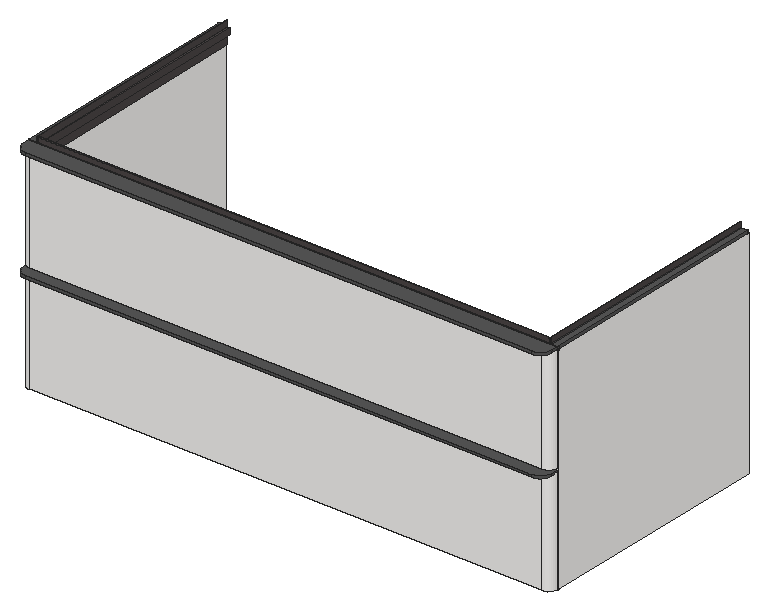
Revit family "vanity unit with 2 drawers for consoles with bowl", category Furniture, Revit 2019 (continued)
  Vanity unit 980_550 with 2 drawers for consoles with bowl-54078700-High Gloss White-MATT_WHITE-400 | "37.4" | no | no | no | no | no | no | no | no | no | no | no | no | no | no | no | no | no | no | yes | no | no | no | no | no | no | no | no | no | no | no | no | no | no | no | no | no | no | no | no | no | no | no | no | no | no | no | no | no | no | no | no | no | no | no | no | no | no | no | no | no | no | no | no | no | no | no | no | no | no | no | no | no | "MATT_WHITE" | "https://pro.hansgrohe.com/articledetail--54078000" | "54078XXX" | "High Gloss White" | "Vanity unit 980/550 with 2 drawers for consoles with bowl-54078700-High Gloss White-MATT_WHITE-400" | "Xelu Q Vanity unit High Gloss White 980/550 with 2 drawers for consoles with bowl" | "Vanity unit 980/550 with 2 drawers for consoles with bowl-54078700-High Gloss White-MATT_WHITE-400" | "{$CADENAS_DATA/23d-libs/hansgrohe/xelu_furniture/vanity_unit_2_drawers_for_consoles_with_bowl/vanity_unit_2_drawers_for_consoles_with_bowl.prj},388 {VTYP=3D},{NB=Vanity unit 980/550 with 2 drawers for consoles with bowl-54078700-High Gloss White-MATT_WHITE-400},{LINA=Vanity unit 980/550 with 2 drawers for consoles with bowl-54078700-High Gloss White-MATT_WHITE-400},{NN=Vanity unit with 2 drawers for consoles with bowl},{DATE=13.03.2023 03:03:55},{GEOMDATE=08.03.2023 13:53:52},{VERSION=},{LINEID=390},{WBVAR=LODLEVEL},{WBNUMERIC=}  {NB=Vanity unit 980/550 with 2 drawers for consoles with bowl-54078700-High Gloss White-MATT_WHITE-400},{LINA=Vanity unit 980/550 with 2 drawers for consoles with bowl-54078700-High Gloss White-MATT_WHITE-400},{KT=DUMMY},{IDNR=15},{ARTNR=54078700},{BASENUMBER=Vanity unit 980/550 with 2 drawers for consoles with bowl},{MODEL=54078XXX},{OBERFLAECHE=High Gloss White},{SURFACE=MATT_WHITE},{L=980},{LODLEVEL=400},{LODLEVELX='400','400','200','200'},{NAME=Xelu Q Vanity unit High Gloss White 980/550 with 2 drawers for consoles with bowl},{PERMALINK=54078XXX},{OBJECTTYPE=Object (single object)},{BIMOBJECT=Sanitary: Compound units},{PRODUCTFAMILY=Xelu Q},{PRODUCTGROUP=vanity unit},{WEIGHT=37.4},{DESCRIPTION=Xelu Q Vanity unit High Gloss White 980/550 with 2 drawers for consoles with bowl},{SPECIFICATION=},{PRODUCTURL=https://pro.hansgrohe.com/articledetail--54078000},{GTINCODE=4059625456811},{TENDERURL=},{IFC=Furnishing element},{ETIM=EC011381 | Bathroom furniture set},{UNICLASS2015=Pr_40_30_78_05 | Bathroom furniture},{OMNICLASS=23-21 19 15 33 13 | Residential Bathroom Specialty Casework},{MASTERFORMAT=12 35 30.23 | Bathroom Casework},{UNSPSC=56 | Furniture and Furnishings},{UNIFORMATII=E2010 | Fixed Furnishings},{DESIGN=Germany},{MANUFACTURER=Germany},{REGIONSET=Worldwide}" | "400" | "Vanity unit 980/550 with 2 drawers for consoles with bowl-54078700-High Gloss White-MATT_WHITE-400" | 980 | "4059625456811" | "Vanity unit 980/550 with 2 drawers for consoles with bowl" | "54078700"
  Vanity unit 980_550 with 2 drawers for consoles with bowl-54079000-Diamond Matt Grey-CHROME-200 | "37.4" | no | no | no | no | no | no | no | no | no | no | no | no | no | no | no | no | no | yes | no | no | no | no | no | no | no | no | no | no | no | no | no | no | no | no | no | no | no | no | no | no | no | no | no | no | no | no | no | no | no | no | no | no | no | no | no | no | no | no | no | no | no | no | no | no | no | no | no | no | no | no | no | no | "CHROME" | "https://pro.hansgrohe.com/articledetail--54079000" | "54079XXX" | "Diamond Matt Grey" | "Vanity unit 980/550 with 2 drawers for consoles with bowl-54079000-Diamond Matt Grey-CHROME-200" | "Xelu Q Vanity unit Diamond Matt Grey 980/550 with 2 drawers for consoles with bowl" | "Vanity unit 980/550 with 2 drawers for consoles with bowl-54079000-Diamond Matt Grey-CHROME-200" | "{$CADENAS_DATA/23d-libs/hansgrohe/xelu_furniture/vanity_unit_2_drawers_for_consoles_with_bowl/vanity_unit_2_drawers_for_consoles_with_bowl.prj},382 {VTYP=3D},{NB=Vanity unit 980/550 with 2 drawers for consoles with bowl-54079000-Diamond Matt Grey-CHROME-200},{LINA=Vanity unit 980/550 with 2 drawers for consoles with bowl-54079000-Diamond Matt Grey-CHROME-200},{NN=Vanity unit with 2 drawers for consoles with bowl},{DATE=13.03.2023 03:03:55},{GEOMDATE=08.03.2023 13:53:52},{VERSION=},{LINEID=400},{WBVAR=LODLEVEL},{WBNUMERIC=}  {NB=Vanity unit 980/550 with 2 drawers for consoles with bowl-54079000-Diamond Matt Grey-CHROME-200},{LINA=Vanity unit 980/550 with 2 drawers for consoles with bowl-54079000-Diamond Matt Grey-CHROME-200},{KT=DUMMY},{IDNR=16},{ARTNR=54079000},{BASENUMBER=Vanity unit 980/550 with 2 drawers for consoles with bowl},{MODEL=54079XXX},{OBERFLAECHE=Diamond Matt Grey},{SURFACE=CHROME},{L=980},{LODLEVEL=200},{LODLEVELX='400','400','200','200'},{NAME=Xelu Q Vanity unit Diamond Matt Grey 980/550 with 2 drawers for consoles with bowl},{PERMALINK=54079XXX},{OBJECTTYPE=Object (single object)},{BIMOBJECT=Sanitary: Compound units},{PRODUCTFAMILY=Xelu Q},{PRODUCTGROUP=vanity unit},{WEIGHT=37.4},{DESCRIPTION=Xelu Q Vanity unit Diamond Matt Grey 980/550 with 2 drawers for consoles with bowl},{SPECIFICATION=},{PRODUCTURL=https://pro.hansgrohe.com/articledetail--54079000},{GTINCODE=4059625456781},{TENDERURL=},{IFC=Furnishing element},{ETIM=EC011381 | Bathroom furniture set},{UNICLASS2015=Pr_40_30_78_05 | Bathroom furniture},{OMNICLASS=23-21 19 15 33 13 | Residential Bathroom Specialty Casework},{MASTERFORMAT=12 35 30.23 | Bathroom Casework},{UNSPSC=56 | Furniture and Furnishings},{UNIFORMATII=E2010 | Fixed Furnishings},{DESIGN=Germany},{MANUFACTURER=Germany},{REGIONSET=Worldwide}" | "200" | "Vanity unit 980/550 with 2 drawers for consoles with bowl-54079000-Diamond Matt Grey-CHROME-200" | 980 | "4059625456781" | "Vanity unit 980/550 with 2 drawers for consoles with bowl" | "54079000"
  Vanity unit 980_550 with 2 drawers for consoles with bowl-54079000-Diamond Matt Grey-CHROME-400 | "37.4" | no | no | no | no | no | no | no | no | no | no | no | no | no | no | no | no | yes | no | no | no | no | no | no | no | no | no | no | no | no | no | no | no | no | no | no | no | no | no | no | no | no | no | no | no | no | no | no | no | no | no | no | no | no | no | no | no | no | no | no | no | no | no | no | no | no | no | no | no | no | no | no | no | "CHROME" | "https://pro.hansgrohe.com/articledetail--54079000" | "54079XXX" | "Diamond Matt Grey" | "Vanity unit 980/550 with 2 drawers for consoles with bowl-54079000-Diamond Matt Grey-CHROME-400" | "Xelu Q Vanity unit Diamond Matt Grey 980/550 with 2 drawers for consoles with bowl" | "Vanity unit 980/550 with 2 drawers for consoles with bowl-54079000-Diamond Matt Grey-CHROME-400" | "{$CADENAS_DATA/23d-libs/hansgrohe/xelu_furniture/vanity_unit_2_drawers_for_consoles_with_bowl/vanity_unit_2_drawers_for_consoles_with_bowl.prj},382 {VTYP=3D},{NB=Vanity unit 980/550 with 2 drawers for consoles with bowl-54079000-Diamond Matt Grey-CHROME-400},{LINA=Vanity unit 980/550 with 2 drawers for consoles with bowl-54079000-Diamond Matt Grey-CHROME-400},{NN=Vanity unit with 2 drawers for consoles with bowl},{DATE=13.03.2023 03:03:55},{GEOMDATE=08.03.2023 13:53:52},{VERSION=},{LINEID=400},{WBVAR=LODLEVEL},{WBNUMERIC=}  {NB=Vanity unit 980/550 with 2 drawers for consoles with bowl-54079000-Diamond Matt Grey-CHROME-400},{LINA=Vanity unit 980/550 with 2 drawers for consoles with bowl-54079000-Diamond Matt Grey-CHROME-400},{KT=DUMMY},{IDNR=16},{ARTNR=54079000},{BASENUMBER=Vanity unit 980/550 with 2 drawers for consoles with bowl},{MODEL=54079XXX},{OBERFLAECHE=Diamond Matt Grey},{SURFACE=CHROME},{L=980},{LODLEVEL=400},{LODLEVELX='400','400','200','200'},{NAME=Xelu Q Vanity unit Diamond Matt Grey 980/550 with 2 drawers for consoles with bowl},{PERMALINK=54079XXX},{OBJECTTYPE=Object (single object)},{BIMOBJECT=Sanitary: Compound units},{PRODUCTFAMILY=Xelu Q},{PRODUCTGROUP=vanity unit},{WEIGHT=37.4},{DESCRIPTION=Xelu Q Vanity unit Diamond Matt Grey 980/550 with 2 drawers for consoles with bowl},{SPECIFICATION=},{PRODUCTURL=https://pro.hansgrohe.com/articledetail--54079000},{GTINCODE=4059625456781},{TENDERURL=},{IFC=Furnishing element},{ETIM=EC011381 | Bathroom furniture set},{UNICLASS2015=Pr_40_30_78_05 | Bathroom furniture},{OMNICLASS=23-21 19 15 33 13 | Residential Bathroom Specialty Casework},{MASTERFORMAT=12 35 30.23 | Bathroom Casework},{UNSPSC=56 | Furniture and Furnishings},{UNIFORMATII=E2010 | Fixed Furnishings},{DESIGN=Germany},{MANUFACTURER=Germany},{REGIONSET=Worldwide}" | "400" | "Vanity unit 980/550 with 2 drawers for consoles with bowl-54079000-Diamond Matt Grey-CHROME-400" | 980 | "4059625456781" | "Vanity unit 980/550 with 2 drawers for consoles with bowl" | "54079000"
  Vanity unit 980_550 with 2 drawers for consoles with bowl-54079670-Diamond Matt Grey-MATT_BLACK-200 | "37.4" | no | no | no | no | no | no | no | no | no | no | no | no | no | no | no | yes | no | no | no | no | no | no | no | no | no | no | no | no | no | no | no | no | no | no | no | no | no | no | no | no | no | no | no | no | no | no | no | no | no | no | no | no | no | no | no | no | no | no | no | no | no | no | no | no | no | no | no | no | no | no | no | no | "MATT_BLACK" | "https://pro.hansgrohe.com/articledetail--54079000" | "54079XXX" | "Diamond Matt Grey" | "Vanity unit 980/550 with 2 drawers for consoles with bowl-54079670-Diamond Matt Grey-MATT_BLACK-200" | "Xelu Q Vanity unit Diamond Matt Grey 980/550 with 2 drawers for consoles with bowl" | "Vanity unit 980/550 with 2 drawers for consoles with bowl-54079670-Diamond Matt Grey-MATT_BLACK-200" | "{$CADENAS_DATA/23d-libs/hansgrohe/xelu_furniture/vanity_unit_2_drawers_for_consoles_with_bowl/vanity_unit_2_drawers_for_consoles_with_bowl.prj},390 {VTYP=3D},{NB=Vanity unit 980/550 with 2 drawers for consoles with bowl-54079670-Diamond Matt Grey-MATT_BLACK-200},{LINA=Vanity unit 980/550 with 2 drawers for consoles with bowl-54079670-Diamond Matt Grey-MATT_BLACK-200},{NN=Vanity unit with 2 drawers for consoles with bowl},{DATE=13.03.2023 03:03:55},{GEOMDATE=08.03.2023 13:53:52},{VERSION=},{LINEID=420},{WBVAR=LODLEVEL},{WBNUMERIC=}  {NB=Vanity unit 980/550 with 2 drawers for consoles with bowl-54079670-Diamond Matt Grey-MATT_BLACK-200},{LINA=Vanity unit 980/550 with 2 drawers for consoles with bowl-54079670-Diamond Matt Grey-MATT_BLACK-200},{KT=DUMMY},{IDNR=18},{ARTNR=54079670},{BASENUMBER=Vanity unit 980/550 with 2 drawers for consoles with bowl},{MODEL=54079XXX},{OBERFLAECHE=Diamond Matt Grey},{SURFACE=MATT_BLACK},{L=980},{LODLEVEL=200},{LODLEVELX='400','400','200','200'},{NAME=Xelu Q Vanity unit Diamond Matt Grey 980/550 with 2 drawers for consoles with bowl},{PERMALINK=54079XXX},{OBJECTTYPE=Object (single object)},{BIMOBJECT=Sanitary: Compound units},{PRODUCTFAMILY=Xelu Q},{PRODUCTGROUP=vanity unit},{WEIGHT=37.4},{DESCRIPTION=Xelu Q Vanity unit Diamond Matt Grey 980/550 with 2 drawers for consoles with bowl},{SPECIFICATION=},{PRODUCTURL=https://pro.hansgrohe.com/articledetail--54079000},{GTINCODE=4059625456781},{TENDERURL=},{IFC=Furnishing element},{ETIM=EC011381 | Bathroom furniture set},{UNICLASS2015=Pr_40_30_78_05 | Bathroom furniture},{OMNICLASS=23-21 19 15 33 13 | Residential Bathroom Specialty Casework},{MASTERFORMAT=12 35 30.23 | Bathroom Casework},{UNSPSC=56 | Furniture and Furnishings},{UNIFORMATII=E2010 | Fixed Furnishings},{DESIGN=Germany},{MANUFACTURER=Germany},{REGIONSET=Worldwide}" | "200" | "Vanity unit 980/550 with 2 drawers for consoles with bowl-54079670-Diamond Matt Grey-MATT_BLACK-200" | 980 | "4059625456781" | "Vanity unit 980/550 with 2 drawers for consoles with bowl" | "54079670"
  Vanity unit 980_550 with 2 drawers for consoles with bowl-54079670-Diamond Matt Grey-MATT_BLACK-400 | "37.4" | no | no | no | no | no | no | no | no | no | no | no | no | no | no | yes | no | no | no | no | no | no | no | no | no | no | no | no | no | no | no | no | no | no | no | no | no | no | no | no | no | no | no | no | no | no | no | no | no | no | no | no | no | no | no | no | no | no | no | no | no | no | no | no | no | no | no | no | no | no | no | no | no | "MATT_BLACK" | "https://pro.hansgrohe.com/articledetail--54079000" | "54079XXX" | "Diamond Matt Grey" | "Vanity unit 980/550 with 2 drawers for consoles with bowl-54079670-Diamond Matt Grey-MATT_BLACK-400" | "Xelu Q Vanity unit Diamond Matt Grey 980/550 with 2 drawers for consoles with bowl" | "Vanity unit 980/550 with 2 drawers for consoles with bowl-54079670-Diamond Matt Grey-MATT_BLACK-400" | "{$CADENAS_DATA/23d-libs/hansgrohe/xelu_furniture/vanity_unit_2_drawers_for_consoles_with_bowl/vanity_unit_2_drawers_for_consoles_with_bowl.prj},390 {VTYP=3D},{NB=Vanity unit 980/550 with 2 drawers for consoles with bowl-54079670-Diamond Matt Grey-MATT_BLACK-400},{LINA=Vanity unit 980/550 with 2 drawers for consoles with bowl-54079670-Diamond Matt Grey-MATT_BLACK-400},{NN=Vanity unit with 2 drawers for consoles with bowl},{DATE=13.03.2023 03:03:55},{GEOMDATE=08.03.2023 13:53:52},{VERSION=},{LINEID=420},{WBVAR=LODLEVEL},{WBNUMERIC=}  {NB=Vanity unit 980/550 with 2 drawers for consoles with bowl-54079670-Diamond Matt Grey-MATT_BLACK-400},{LINA=Vanity unit 980/550 with 2 drawers for consoles with bowl-54079670-Diamond Matt Grey-MATT_BLACK-400},{KT=DUMMY},{IDNR=18},{ARTNR=54079670},{BASENUMBER=Vanity unit 980/550 with 2 drawers for consoles with bowl},{MODEL=54079XXX},{OBERFLAECHE=Diamond Matt Grey},{SURFACE=MATT_BLACK},{L=980},{LODLEVEL=400},{LODLEVELX='400','400','200','200'},{NAME=Xelu Q Vanity unit Diamond Matt Grey 980/550 with 2 drawers for consoles with bowl},{PERMALINK=54079XXX},{OBJECTTYPE=Object (single object)},{BIMOBJECT=Sanitary: Compound units},{PRODUCTFAMILY=Xelu Q},{PRODUCTGROUP=vanity unit},{WEIGHT=37.4},{DESCRIPTION=Xelu Q Vanity unit Diamond Matt Grey 980/550 with 2 drawers for consoles with bowl},{SPECIFICATION=},{PRODUCTURL=https://pro.hansgrohe.com/articledetail--54079000},{GTINCODE=4059625456781},{TENDERURL=},{IFC=Furnishing element},{ETIM=EC011381 | Bathroom furniture set},{UNICLASS2015=Pr_40_30_78_05 | Bathroom furniture},{OMNICLASS=23-21 19 15 33 13 | Residential Bathroom Specialty Casework},{MASTERFORMAT=12 35 30.23 | Bathroom Casework},{UNSPSC=56 | Furniture and Furnishings},{UNIFORMATII=E2010 | Fixed Furnishings},{DESIGN=Germany},{MANUFACTURER=Germany},{REGIONSET=Worldwide}" | "400" | "Vanity unit 980/550 with 2 drawers for consoles with bowl-54079670-Diamond Matt Grey-MATT_BLACK-400" | 980 | "4059625456781" | "Vanity unit 980/550 with 2 drawers for consoles with bowl" | "54079670"
  Vanity unit 980_550 with 2 drawers for consoles with bowl-54079700-Diamond Matt Grey-MATT_WHITE-200 | "37.4" | no | no | no | no | no | no | no | no | no | no | no | no | no | yes | no | no | no | no | no | no | no | no | no | no | no | no | no | no | no | no | no | no | no | no | no | no | no | no | no | no | no | no | no | no | no | no | no | no | no | no | no | no | no | no | no | no | no | no | no | no | no | no | no | no | no | no | no | no | no | no | no | no | "MATT_WHITE" | "https://pro.hansgrohe.com/articledetail--54079000" | "54079XXX" | "Diamond Matt Grey" | "Vanity unit 980/550 with 2 drawers for consoles with bowl-54079700-Diamond Matt Grey-MATT_WHITE-200" | "Xelu Q Vanity unit Diamond Matt Grey 980/550 with 2 drawers for consoles with bowl" | "Vanity unit 980/550 with 2 drawers for consoles with bowl-54079700-Diamond Matt Grey-MATT_WHITE-200" | "{$CADENAS_DATA/23d-libs/hansgrohe/xelu_furniture/vanity_unit_2_drawers_for_consoles_with_bowl/vanity_unit_2_drawers_for_consoles_with_bowl.prj},390 {VTYP=3D},{NB=Vanity unit 980/550 with 2 drawers for consoles with bowl-54079700-Diamond Matt Grey-MATT_WHITE-200},{LINA=Vanity unit 980/550 with 2 drawers for consoles with bowl-54079700-Diamond Matt Grey-MATT_WHITE-200},{NN=Vanity unit with 2 drawers for consoles with bowl},{DATE=13.03.2023 03:03:55},{GEOMDATE=08.03.2023 13:53:52},{VERSION=},{LINEID=410},{WBVAR=LODLEVEL},{WBNUMERIC=}  {NB=Vanity unit 980/550 with 2 drawers for consoles with bowl-54079700-Diamond Matt Grey-MATT_WHITE-200},{LINA=Vanity unit 980/550 with 2 drawers for consoles with bowl-54079700-Diamond Matt Grey-MATT_WHITE-200},{KT=DUMMY},{IDNR=17},{ARTNR=54079700},{BASENUMBER=Vanity unit 980/550 with 2 drawers for consoles with bowl},{MODEL=54079XXX},{OBERFLAECHE=Diamond Matt Grey},{SURFACE=MATT_WHITE},{L=980},{LODLEVEL=200},{LODLEVELX='400','400','200','200'},{NAME=Xelu Q Vanity unit Diamond Matt Grey 980/550 with 2 drawers for consoles with bowl},{PERMALINK=54079XXX},{OBJECTTYPE=Object (single object)},{BIMOBJECT=Sanitary: Compound units},{PRODUCTFAMILY=Xelu Q},{PRODUCTGROUP=vanity unit},{WEIGHT=37.4},{DESCRIPTION=Xelu Q Vanity unit Diamond Matt Grey 980/550 with 2 drawers for consoles with bowl},{SPECIFICATION=},{PRODUCTURL=https://pro.hansgrohe.com/articledetail--54079000},{GTINCODE=4059625456781},{TENDERURL=},{IFC=Furnishing element},{ETIM=EC011381 | Bathroom furniture set},{UNICLASS2015=Pr_40_30_78_05 | Bathroom furniture},{OMNICLASS=23-21 19 15 33 13 | Residential Bathroom Specialty Casework},{MASTERFORMAT=12 35 30.23 | Bathroom Casework},{UNSPSC=56 | Furniture and Furnishings},{UNIFORMATII=E2010 | Fixed Furnishings},{DESIGN=Germany},{MANUFACTURER=Germany},{REGIONSET=Worldwide}" | "200" | "Vanity unit 980/550 with 2 drawers for consoles with bowl-54079700-Diamond Matt Grey-MATT_WHITE-200" | 980 | "4059625456781" | "Vanity unit 980/550 with 2 drawers for consoles with bowl" | "54079700"
  Vanity unit 980_550 with 2 drawers for consoles with bowl-54079700-Diamond Matt Grey-MATT_WHITE-400 | "37.4" | no | no | no | no | no | no | no | no | no | no | no | no | yes | no | no | no | no | no | no | no | no | no | no | no | no | no | no | no | no | no | no | no | no | no | no | no | no | no | no | no | no | no | no | no | no | no | no | no | no | no | no | no | no | no | no | no | no | no | no | no | no | no | no | no | no | no | no | no | no | no | no | no | "MATT_WHITE" | "https://pro.hansgrohe.com/articledetail--54079000" | "54079XXX" | "Diamond Matt Grey" | "Vanity unit 980/550 with 2 drawers for consoles with bowl-54079700-Diamond Matt Grey-MATT_WHITE-400" | "Xelu Q Vanity unit Diamond Matt Grey 980/550 with 2 drawers for consoles with bowl" | "Vanity unit 980/550 with 2 drawers for consoles with bowl-54079700-Diamond Matt Grey-MATT_WHITE-400" | "{$CADENAS_DATA/23d-libs/hansgrohe/xelu_furniture/vanity_unit_2_drawers_for_consoles_with_bowl/vanity_unit_2_drawers_for_consoles_with_bowl.prj},390 {VTYP=3D},{NB=Vanity unit 980/550 with 2 drawers for consoles with bowl-54079700-Diamond Matt Grey-MATT_WHITE-400},{LINA=Vanity unit 980/550 with 2 drawers for consoles with bowl-54079700-Diamond Matt Grey-MATT_WHITE-400},{NN=Vanity unit with 2 drawers for consoles with bowl},{DATE=13.03.2023 03:03:55},{GEOMDATE=08.03.2023 13:53:52},{VERSION=},{LINEID=410},{WBVAR=LODLEVEL},{WBNUMERIC=}  {NB=Vanity unit 980/550 with 2 drawers for consoles with bowl-54079700-Diamond Matt Grey-MATT_WHITE-400},{LINA=Vanity unit 980/550 with 2 drawers for consoles with bowl-54079700-Diamond Matt Grey-MATT_WHITE-400},{KT=DUMMY},{IDNR=17},{ARTNR=54079700},{BASENUMBER=Vanity unit 980/550 with 2 drawers for consoles with bowl},{MODEL=54079XXX},{OBERFLAECHE=Diamond Matt Grey},{SURFACE=MATT_WHITE},{L=980},{LODLEVEL=400},{LODLEVELX='400','400','200','200'},{NAME=Xelu Q Vanity unit Diamond Matt Grey 980/550 with 2 drawers for consoles with bowl},{PERMALINK=54079XXX},{OBJECTTYPE=Object (single object)},{BIMOBJECT=Sanitary: Compound units},{PRODUCTFAMILY=Xelu Q},{PRODUCTGROUP=vanity unit},{WEIGHT=37.4},{DESCRIPTION=Xelu Q Vanity unit Diamond Matt Grey 980/550 with 2 drawers for consoles with bowl},{SPECIFICATION=},{PRODUCTURL=https://pro.hansgrohe.com/articledetail--54079000},{GTINCODE=4059625456781},{TENDERURL=},{IFC=Furnishing element},{ETIM=EC011381 | Bathroom furniture set},{UNICLASS2015=Pr_40_30_78_05 | Bathroom furniture},{OMNICLASS=23-21 19 15 33 13 | Residential Bathroom Specialty Casework},{MASTERFORMAT=12 35 30.23 | Bathroom Casework},{UNSPSC=56 | Furniture and Furnishings},{UNIFORMATII=E2010 | Fixed Furnishings},{DESIGN=Germany},{MANUFACTURER=Germany},{REGIONSET=Worldwide}" | "400" | "Vanity unit 980/550 with 2 drawers for consoles with bowl-54079700-Diamond Matt Grey-MATT_WHITE-400" | 980 | "4059625456781" | "Vanity unit 980/550 with 2 drawers for consoles with bowl" | "54079700"
  Vanity unit 980_550 with 2 drawers for consoles with bowl-54080000-Natural Oak-CHROME-200 | "37.4" | no | no | no | no | no | no | no | no | no | no | no | yes | no | no | no | no | no | no | no | no | no | no | no | no | no | no | no | no | no | no | no | no | no | no | no | no | no | no | no | no | no | no | no | no | no | no | no | no | no | no | no | no | no | no | no | no | no | no | no | no | no | no | no | no | no | no | no | no | no | no | no | no | "CHROME" | "https://pro.hansgrohe.com/articledetail--54080000" | "54080XXX" | "Natural Oak" | "Vanity unit 980/550 with 2 drawers for consoles with bowl-54080000-Natural Oak-CHROME-200" | "Xelu Q Vanity unit Natural Oak 980/550 with 2 drawers for consoles with bowl" | "Vanity unit 980/550 with 2 drawers for consoles with bowl-54080000-Natural Oak-CHROME-200" | "{$CADENAS_DATA/23d-libs/hansgrohe/xelu_furniture/vanity_unit_2_drawers_for_consoles_with_bowl/vanity_unit_2_drawers_for_consoles_with_bowl.prj},370 {VTYP=3D},{NB=Vanity unit 980/550 with 2 drawers for consoles with bowl-54080000-Natural Oak-CHROME-200},{LINA=Vanity unit 980/550 with 2 drawers for consoles with bowl-54080000-Natural Oak-CHROME-200},{NN=Vanity unit with 2 drawers for consoles with bowl},{DATE=13.03.2023 03:03:55},{GEOMDATE=08.03.2023 13:53:52},{VERSION=},{LINEID=450},{WBVAR=LODLEVEL},{WBNUMERIC=}  {NB=Vanity unit 980/550 with 2 drawers for consoles with bowl-54080000-Natural Oak-CHROME-200},{LINA=Vanity unit 980/550 with 2 drawers for consoles with bowl-54080000-Natural Oak-CHROME-200},{KT=DUMMY},{IDNR=21},{ARTNR=54080000},{BASENUMBER=Vanity unit 980/550 with 2 drawers for consoles with bowl},{MODEL=54080XXX},{OBERFLAECHE=Natural Oak},{SURFACE=CHROME},{L=980},{LODLEVEL=200},{LODLEVELX='400','400','200','200'},{NAME=Xelu Q Vanity unit Natural Oak 980/550 with 2 drawers for consoles with bowl},{PERMALINK=54080XXX},{OBJECTTYPE=Object (single object)},{BIMOBJECT=Sanitary: Compound units},{PRODUCTFAMILY=Xelu Q},{PRODUCTGROUP=vanity unit},{WEIGHT=37.4},{DESCRIPTION=Xelu Q Vanity unit Natural Oak 980/550 with 2 drawers for consoles with bowl},{SPECIFICATION=},{PRODUCTURL=https://pro.hansgrohe.com/articledetail--54080000},{GTINCODE=4059625456750},{TENDERURL=},{IFC=Furnishing element},{ETIM=EC011381 | Bathroom furniture set},{UNICLASS2015=Pr_40_30_78_05 | Bathroom furniture},{OMNICLASS=23-21 19 15 33 13 | Residential Bathroom Specialty Casework},{MASTERFORMAT=12 35 30.23 | Bathroom Casework},{UNSPSC=56 | Furniture and Furnishings},{UNIFORMATII=E2010 | Fixed Furnishings},{DESIGN=Germany},{MANUFACTURER=Germany},{REGIONSET=Worldwide}" | "200" | "Vanity unit 980/550 with 2 drawers for consoles with bowl-54080000-Natural Oak-CHROME-200" | 980 | "4059625456750" | "Vanity unit 980/550 with 2 drawers for consoles with bowl" | "54080000"
  Vanity unit 980_550 with 2 drawers for consoles with bowl-54080000-Natural Oak-CHROME-400 | "37.4" | no | no | no | no | no | no | no | no | no | no | yes | no | no | no | no | no | no | no | no | no | no | no | no | no | no | no | no | no | no | no | no | no | no | no | no | no | no | no | no | no | no | no | no | no | no | no | no | no | no | no | no | no | no | no | no | no | no | no | no | no | no | no | no | no | no | no | no | no | no | no | no | no | "CHROME" | "https://pro.hansgrohe.com/articledetail--54080000" | "54080XXX" | "Natural Oak" | "Vanity unit 980/550 with 2 drawers for consoles with bowl-54080000-Natural Oak-CHROME-400" | "Xelu Q Vanity unit Natural Oak 980/550 with 2 drawers for consoles with bowl" | "Vanity unit 980/550 with 2 drawers for consoles with bowl-54080000-Natural Oak-CHROME-400" | "{$CADENAS_DATA/23d-libs/hansgrohe/xelu_furniture/vanity_unit_2_drawers_for_consoles_with_bowl/vanity_unit_2_drawers_for_consoles_with_bowl.prj},370 {VTYP=3D},{NB=Vanity unit 980/550 with 2 drawers for consoles with bowl-54080000-Natural Oak-CHROME-400},{LINA=Vanity unit 980/550 with 2 drawers for consoles with bowl-54080000-Natural Oak-CHROME-400},{NN=Vanity unit with 2 drawers for consoles with bowl},{DATE=13.03.2023 03:03:55},{GEOMDATE=08.03.2023 13:53:52},{VERSION=},{LINEID=450},{WBVAR=LODLEVEL},{WBNUMERIC=}  {NB=Vanity unit 980/550 with 2 drawers for consoles with bowl-54080000-Natural Oak-CHROME-400},{LINA=Vanity unit 980/550 with 2 drawers for consoles with bowl-54080000-Natural Oak-CHROME-400},{KT=DUMMY},{IDNR=21},{ARTNR=54080000},{BASENUMBER=Vanity unit 980/550 with 2 drawers for consoles with bowl},{MODEL=54080XXX},{OBERFLAECHE=Natural Oak},{SURFACE=CHROME},{L=980},{LODLEVEL=400},{LODLEVELX='400','400','200','200'},{NAME=Xelu Q Vanity unit Natural Oak 980/550 with 2 drawers for consoles with bowl},{PERMALINK=54080XXX},{OBJECTTYPE=Object (single object)},{BIMOBJECT=Sanitary: Compound units},{PRODUCTFAMILY=Xelu Q},{PRODUCTGROUP=vanity unit},{WEIGHT=37.4},{DESCRIPTION=Xelu Q Vanity unit Natural Oak 980/550 with 2 drawers for consoles with bowl},{SPECIFICATION=},{PRODUCTURL=https://pro.hansgrohe.com/articledetail--54080000},{GTINCODE=4059625456750},{TENDERURL=},{IFC=Furnishing element},{ETIM=EC011381 | Bathroom furniture set},{UNICLASS2015=Pr_40_30_78_05 | Bathroom furniture},{OMNICLASS=23-21 19 15 33 13 | Residential Bathroom Specialty Casework},{MASTERFORMAT=12 35 30.23 | Bathroom Casework},{UNSPSC=56 | Furniture and Furnishings},{UNIFORMATII=E2010 | Fixed Furnishings},{DESIGN=Germany},{MANUFACTURER=Germany},{REGIONSET=Worldwide}" | "400" | "Vanity unit 980/550 with 2 drawers for consoles with bowl-54080000-Natural Oak-CHROME-400" | 980 | "4059625456750" | "Vanity unit 980/550 with 2 drawers for consoles with bowl" | "54080000"
  Vanity unit 980_550 with 2 drawers for consoles with bowl-54080670-Natural Oak-MATT_BLACK-200 | "37.4" | no | no | no | no | no | no | no | no | no | yes | no | no | no | no | no | no | no | no | no | no | no | no | no | no | no | no | no | no | no | no | no | no | no | no | no | no | no | no | no | no | no | no | no | no | no | no | no | no | no | no | no | no | no | no | no | no | no | no | no | no | no | no | no | no | no | no | no | no | no | no | no | no | "MATT_BLACK" | "https://pro.hansgrohe.com/articledetail--54080000" | "54080XXX" | "Natural Oak" | "Vanity unit 980/550 with 2 drawers for consoles with bowl-54080670-Natural Oak-MATT_BLACK-200" | "Xelu Q Vanity unit Natural Oak 980/550 with 2 drawers for consoles with bowl" | "Vanity unit 980/550 with 2 drawers for consoles with bowl-54080670-Natural Oak-MATT_BLACK-200" | "{$CADENAS_DATA/23d-libs/hansgrohe/xelu_furniture/vanity_unit_2_drawers_for_consoles_with_bowl/vanity_unit_2_drawers_for_consoles_with_bowl.prj},378 {VTYP=3D},{NB=Vanity unit 980/550 with 2 drawers for consoles with bowl-54080670-Natural Oak-MATT_BLACK-200},{LINA=Vanity unit 980/550 with 2 drawers for consoles with bowl-54080670-Natural Oak-MATT_BLACK-200},{NN=Vanity unit with 2 drawers for consoles with bowl},{DATE=13.03.2023 03:03:55},{GEOMDATE=08.03.2023 13:53:52},{VERSION=},{LINEID=430},{WBVAR=LODLEVEL},{WBNUMERIC=}  {NB=Vanity unit 980/550 with 2 drawers for consoles with bowl-54080670-Natural Oak-MATT_BLACK-200},{LINA=Vanity unit 980/550 with 2 drawers for consoles with bowl-54080670-Natural Oak-MATT_BLACK-200},{KT=DUMMY},{IDNR=19},{ARTNR=54080670},{BASENUMBER=Vanity unit 980/550 with 2 drawers for consoles with bowl},{MODEL=54080XXX},{OBERFLAECHE=Natural Oak},{SURFACE=MATT_BLACK},{L=980},{LODLEVEL=200},{LODLEVELX='400','400','200','200'},{NAME=Xelu Q Vanity unit Natural Oak 980/550 with 2 drawers for consoles with bowl},{PERMALINK=54080XXX},{OBJECTTYPE=Object (single object)},{BIMOBJECT=Sanitary: Compound units},{PRODUCTFAMILY=Xelu Q},{PRODUCTGROUP=vanity unit},{WEIGHT=37.4},{DESCRIPTION=Xelu Q Vanity unit Natural Oak 980/550 with 2 drawers for consoles with bowl},{SPECIFICATION=},{PRODUCTURL=https://pro.hansgrohe.com/articledetail--54080000},{GTINCODE=4059625456750},{TENDERURL=},{IFC=Furnishing element},{ETIM=EC011381 | Bathroom furniture set},{UNICLASS2015=Pr_40_30_78_05 | Bathroom furniture},{OMNICLASS=23-21 19 15 33 13 | Residential Bathroom Specialty Casework},{MASTERFORMAT=12 35 30.23 | Bathroom Casework},{UNSPSC=56 | Furniture and Furnishings},{UNIFORMATII=E2010 | Fixed Furnishings},{DESIGN=Germany},{MANUFACTURER=Germany},{REGIONSET=Worldwide}" | "200" | "Vanity unit 980/550 with 2 drawers for consoles with bowl-54080670-Natural Oak-MATT_BLACK-200" | 980 | "4059625456750" | "Vanity unit 980/550 with 2 drawers for consoles with bowl" | "54080670"
  Vanity unit 980_550 with 2 drawers for consoles with bowl-54080670-Natural Oak-MATT_BLACK-400 | "37.4" | no | no | no | no | no | no | no | no | yes | no | no | no | no | no | no | no | no | no | no | no | no | no | no | no | no | no | no | no | no | no | no | no | no | no | no | no | no | no | no | no | no | no | no | no | no | no | no | no | no | no | no | no | no | no | no | no | no | no | no | no | no | no | no | no | no | no | no | no | no | no | no | no | "MATT_BLACK" | "https://pro.hansgrohe.com/articledetail--54080000" | "54080XXX" | "Natural Oak" | "Vanity unit 980/550 with 2 drawers for consoles with bowl-54080670-Natural Oak-MATT_BLACK-400" | "Xelu Q Vanity unit Natural Oak 980/550 with 2 drawers for consoles with bowl" | "Vanity unit 980/550 with 2 drawers for consoles with bowl-54080670-Natural Oak-MATT_BLACK-400" | "{$CADENAS_DATA/23d-libs/hansgrohe/xelu_furniture/vanity_unit_2_drawers_for_consoles_with_bowl/vanity_unit_2_drawers_for_consoles_with_bowl.prj},378 {VTYP=3D},{NB=Vanity unit 980/550 with 2 drawers for consoles with bowl-54080670-Natural Oak-MATT_BLACK-400},{LINA=Vanity unit 980/550 with 2 drawers for consoles with bowl-54080670-Natural Oak-MATT_BLACK-400},{NN=Vanity unit with 2 drawers for consoles with bowl},{DATE=13.03.2023 03:03:55},{GEOMDATE=08.03.2023 13:53:52},{VERSION=},{LINEID=430},{WBVAR=LODLEVEL},{WBNUMERIC=}  {NB=Vanity unit 980/550 with 2 drawers for consoles with bowl-54080670-Natural Oak-MATT_BLACK-400},{LINA=Vanity unit 980/550 with 2 drawers for consoles with bowl-54080670-Natural Oak-MATT_BLACK-400},{KT=DUMMY},{IDNR=19},{ARTNR=54080670},{BASENUMBER=Vanity unit 980/550 with 2 drawers for consoles with bowl},{MODEL=54080XXX},{OBERFLAECHE=Natural Oak},{SURFACE=MATT_BLACK},{L=980},{LODLEVEL=400},{LODLEVELX='400','400','200','200'},{NAME=Xelu Q Vanity unit Natural Oak 980/550 with 2 drawers for consoles with bowl},{PERMALINK=54080XXX},{OBJECTTYPE=Object (single object)},{BIMOBJECT=Sanitary: Compound units},{PRODUCTFAMILY=Xelu Q},{PRODUCTGROUP=vanity unit},{WEIGHT=37.4},{DESCRIPTION=Xelu Q Vanity unit Natural Oak 980/550 with 2 drawers for consoles with bowl},{SPECIFICATION=},{PRODUCTURL=https://pro.hansgrohe.com/articledetail--54080000},{GTINCODE=4059625456750},{TENDERURL=},{IFC=Furnishing element},{ETIM=EC011381 | Bathroom furniture set},{UNICLASS2015=Pr_40_30_78_05 | Bathroom furniture},{OMNICLASS=23-21 19 15 33 13 | Residential Bathroom Specialty Casework},{MASTERFORMAT=12 35 30.23 | Bathroom Casework},{UNSPSC=56 | Furniture and Furnishings},{UNIFORMATII=E2010 | Fixed Furnishings},{DESIGN=Germany},{MANUFACTURER=Germany},{REGIONSET=Worldwide}" | "400" | "Vanity unit 980/550 with 2 drawers for consoles with bowl-54080670-Natural Oak-MATT_BLACK-400" | 980 | "4059625456750" | "Vanity unit 980/550 with 2 drawers for consoles with bowl" | "54080670"
  Vanity unit 980_550 with 2 drawers for consoles with bowl-54080700-Natural Oak-MATT_WHITE-200 | "37.4" | no | no | no | no | no | no | no | yes | no | no | no | no | no | no | no | no | no | no | no | no | no | no | no | no | no | no | no | no | no | no | no | no | no | no | no | no | no | no | no | no | no | no | no | no | no | no | no | no | no | no | no | no | no | no | no | no | no | no | no | no | no | no | no | no | no | no | no | no | no | no | no | no | "MATT_WHITE" | "https://pro.hansgrohe.com/articledetail--54080000" | "54080XXX" | "Natural Oak" | "Vanity unit 980/550 with 2 drawers for consoles with bowl-54080700-Natural Oak-MATT_WHITE-200" | "Xelu Q Vanity unit Natural Oak 980/550 with 2 drawers for consoles with bowl" | "Vanity unit 980/550 with 2 drawers for consoles with bowl-54080700-Natural Oak-MATT_WHITE-200" | "{$CADENAS_DATA/23d-libs/hansgrohe/xelu_furniture/vanity_unit_2_drawers_for_consoles_with_bowl/vanity_unit_2_drawers_for_consoles_with_bowl.prj},378 {VTYP=3D},{NB=Vanity unit 980/550 with 2 drawers for consoles with bowl-54080700-Natural Oak-MATT_WHITE-200},{LINA=Vanity unit 980/550 with 2 drawers for consoles with bowl-54080700-Natural Oak-MATT_WHITE-200},{NN=Vanity unit with 2 drawers for consoles with bowl},{DATE=13.03.2023 03:03:55},{GEOMDATE=08.03.2023 13:53:52},{VERSION=},{LINEID=440},{WBVAR=LODLEVEL},{WBNUMERIC=}  {NB=Vanity unit 980/550 with 2 drawers for consoles with bowl-54080700-Natural Oak-MATT_WHITE-200},{LINA=Vanity unit 980/550 with 2 drawers for consoles with bowl-54080700-Natural Oak-MATT_WHITE-200},{KT=DUMMY},{IDNR=20},{ARTNR=54080700},{BASENUMBER=Vanity unit 980/550 with 2 drawers for consoles with bowl},{MODEL=54080XXX},{OBERFLAECHE=Natural Oak},{SURFACE=MATT_WHITE},{L=980},{LODLEVEL=200},{LODLEVELX='400','400','200','200'},{NAME=Xelu Q Vanity unit Natural Oak 980/550 with 2 drawers for consoles with bowl},{PERMALINK=54080XXX},{OBJECTTYPE=Object (single object)},{BIMOBJECT=Sanitary: Compound units},{PRODUCTFAMILY=Xelu Q},{PRODUCTGROUP=vanity unit},{WEIGHT=37.4},{DESCRIPTION=Xelu Q Vanity unit Natural Oak 980/550 with 2 drawers for consoles with bowl},{SPECIFICATION=},{PRODUCTURL=https://pro.hansgrohe.com/articledetail--54080000},{GTINCODE=4059625456750},{TENDERURL=},{IFC=Furnishing element},{ETIM=EC011381 | Bathroom furniture set},{UNICLASS2015=Pr_40_30_78_05 | Bathroom furniture},{OMNICLASS=23-21 19 15 33 13 | Residential Bathroom Specialty Casework},{MASTERFORMAT=12 35 30.23 | Bathroom Casework},{UNSPSC=56 | Furniture and Furnishings},{UNIFORMATII=E2010 | Fixed Furnishings},{DESIGN=Germany},{MANUFACTURER=Germany},{REGIONSET=Worldwide}" | "200" | "Vanity unit 980/550 with 2 drawers for consoles with bowl-54080700-Natural Oak-MATT_WHITE-200" | 980 | "4059625456750" | "Vanity unit 980/550 with 2 drawers for consoles with bowl" | "54080700"
  Vanity unit 980_550 with 2 drawers for consoles with bowl-54080700-Natural Oak-MATT_WHITE-400 | "37.4" | no | no | no | no | no | no | yes | no | no | no | no | no | no | no | no | no | no | no | no | no | no | no | no | no | no | no | no | no | no | no | no | no | no | no | no | no | no | no | no | no | no | no | no | no | no | no | no | no | no | no | no | no | no | no | no | no | no | no | no | no | no | no | no | no | no | no | no | no | no | no | no | no | "MATT_WHITE" | "https://pro.hansgrohe.com/articledetail--54080000" | "54080XXX" | "Natural Oak" | "Vanity unit 980/550 with 2 drawers for consoles with bowl-54080700-Natural Oak-MATT_WHITE-400" | "Xelu Q Vanity unit Natural Oak 980/550 with 2 drawers for consoles with bowl" | "Vanity unit 980/550 with 2 drawers for consoles with bowl-54080700-Natural Oak-MATT_WHITE-400" | "{$CADENAS_DATA/23d-libs/hansgrohe/xelu_furniture/vanity_unit_2_drawers_for_consoles_with_bowl/vanity_unit_2_drawers_for_consoles_with_bowl.prj},378 {VTYP=3D},{NB=Vanity unit 980/550 with 2 drawers for consoles with bowl-54080700-Natural Oak-MATT_WHITE-400},{LINA=Vanity unit 980/550 with 2 drawers for consoles with bowl-54080700-Natural Oak-MATT_WHITE-400},{NN=Vanity unit with 2 drawers for consoles with bowl},{DATE=13.03.2023 03:03:55},{GEOMDATE=08.03.2023 13:53:52},{VERSION=},{LINEID=440},{WBVAR=LODLEVEL},{WBNUMERIC=}  {NB=Vanity unit 980/550 with 2 drawers for consoles with bowl-54080700-Natural Oak-MATT_WHITE-400},{LINA=Vanity unit 980/550 with 2 drawers for consoles with bowl-54080700-Natural Oak-MATT_WHITE-400},{KT=DUMMY},{IDNR=20},{ARTNR=54080700},{BASENUMBER=Vanity unit 980/550 with 2 drawers for consoles with bowl},{MODEL=54080XXX},{OBERFLAECHE=Natural Oak},{SURFACE=MATT_WHITE},{L=980},{LODLEVEL=400},{LODLEVELX='400','400','200','200'},{NAME=Xelu Q Vanity unit Natural Oak 980/550 with 2 drawers for consoles with bowl},{PERMALINK=54080XXX},{OBJECTTYPE=Object (single object)},{BIMOBJECT=Sanitary: Compound units},{PRODUCTFAMILY=Xelu Q},{PRODUCTGROUP=vanity unit},{WEIGHT=37.4},{DESCRIPTION=Xelu Q Vanity unit Natural Oak 980/550 with 2 drawers for consoles with bowl},{SPECIFICATION=},{PRODUCTURL=https://pro.hansgrohe.com/articledetail--54080000},{GTINCODE=4059625456750},{TENDERURL=},{IFC=Furnishing element},{ETIM=EC011381 | Bathroom furniture set},{UNICLASS2015=Pr_40_30_78_05 | Bathroom furniture},{OMNICLASS=23-21 19 15 33 13 | Residential Bathroom Specialty Casework},{MASTERFORMAT=12 35 30.23 | Bathroom Casework},{UNSPSC=56 | Furniture and Furnishings},{UNIFORMATII=E2010 | Fixed Furnishings},{DESIGN=Germany},{MANUFACTURER=Germany},{REGIONSET=Worldwide}" | "400" | "Vanity unit 980/550 with 2 drawers for consoles with bowl-54080700-Natural Oak-MATT_WHITE-400" | 980 | "4059625456750" | "Vanity unit 980/550 with 2 drawers for consoles with bowl" | "54080700"
  Vanity unit 980_550 with 2 drawers for consoles with bowl-54081000-Dark Walnut-CHROME-200 | "37.4" | no | no | no | no | no | yes | no | no | no | no | no | no | no | no | no | no | no | no | no | no | no | no | no | no | no | no | no | no | no | no | no | no | no | no | no | no | no | no | no | no | no | no | no | no | no | no | no | no | no | no | no | no | no | no | no | no | no | no | no | no | no | no | no | no | no | no | no | no | no | no | no | no | "CHROME" | "https://pro.hansgrohe.com/articledetail--54081000" | "54081XXX" | "Dark Walnut" | "Vanity unit 980/550 with 2 drawers for consoles with bowl-54081000-Dark Walnut-CHROME-200" | "Xelu Q Vanity unit Dark Walnut 980/550 with 2 drawers for consoles with bowl" | "Vanity unit 980/550 with 2 drawers for consoles with bowl-54081000-Dark Walnut-CHROME-200" | "{$CADENAS_DATA/23d-libs/hansgrohe/xelu_furniture/vanity_unit_2_drawers_for_consoles_with_bowl/vanity_unit_2_drawers_for_consoles_with_bowl.prj},370 {VTYP=3D},{NB=Vanity unit 980/550 with 2 drawers for consoles with bowl-54081000-Dark Walnut-CHROME-200},{LINA=Vanity unit 980/550 with 2 drawers for consoles with bowl-54081000-Dark Walnut-CHROME-200},{NN=Vanity unit with 2 drawers for consoles with bowl},{DATE=13.03.2023 03:03:55},{GEOMDATE=08.03.2023 13:53:52},{VERSION=},{LINEID=480},{WBVAR=LODLEVEL},{WBNUMERIC=}  {NB=Vanity unit 980/550 with 2 drawers for consoles with bowl-54081000-Dark Walnut-CHROME-200},{LINA=Vanity unit 980/550 with 2 drawers for consoles with bowl-54081000-Dark Walnut-CHROME-200},{KT=DUMMY},{IDNR=24},{ARTNR=54081000},{BASENUMBER=Vanity unit 980/550 with 2 drawers for consoles with bowl},{MODEL=54081XXX},{OBERFLAECHE=Dark Walnut},{SURFACE=CHROME},{L=980},{LODLEVEL=200},{LODLEVELX='400','400','200','200'},{NAME=Xelu Q Vanity unit Dark Walnut 980/550 with 2 drawers for consoles with bowl},{PERMALINK=54081XXX},{OBJECTTYPE=Object (single object)},{BIMOBJECT=Sanitary: Compound units},{PRODUCTFAMILY=Xelu Q},{PRODUCTGROUP=vanity unit},{WEIGHT=37.4},{DESCRIPTION=Xelu Q Vanity unit Dark Walnut 980/550 with 2 drawers for consoles with bowl},{SPECIFICATION=},{PRODUCTURL=https://pro.hansgrohe.com/articledetail--54081000},{GTINCODE=4059625456729},{TENDERURL=},{IFC=Furnishing element},{ETIM=EC011381 | Bathroom furniture set},{UNICLASS2015=Pr_40_30_78_05 | Bathroom furniture},{OMNICLASS=23-21 19 15 33 13 | Residential Bathroom Specialty Casework},{MASTERFORMAT=12 35 30.23 | Bathroom Casework},{UNSPSC=56 | Furniture and Furnishings},{UNIFORMATII=E2010 | Fixed Furnishings},{DESIGN=Germany},{MANUFACTURER=Germany},{REGIONSET=Worldwide}" | "200" | "Vanity unit 980/550 with 2 drawers for consoles with bowl-54081000-Dark Walnut-CHROME-200" | 980 | "4059625456729" | "Vanity unit 980/550 with 2 drawers for consoles with bowl" | "54081000"
  Vanity unit 980_550 with 2 drawers for consoles with bowl-54081000-Dark Walnut-CHROME-400 | "37.4" | no | no | no | no | yes | no | no | no | no | no | no | no | no | no | no | no | no | no | no | no | no | no | no | no | no | no | no | no | no | no | no | no | no | no | no | no | no | no | no | no | no | no | no | no | no | no | no | no | no | no | no | no | no | no | no | no | no | no | no | no | no | no | no | no | no | no | no | no | no | no | no | no | "CHROME" | "https://pro.hansgrohe.com/articledetail--54081000" | "54081XXX" | "Dark Walnut" | "Vanity unit 980/550 with 2 drawers for consoles with bowl-54081000-Dark Walnut-CHROME-400" | "Xelu Q Vanity unit Dark Walnut 980/550 with 2 drawers for consoles with bowl" | "Vanity unit 980/550 with 2 drawers for consoles with bowl-54081000-Dark Walnut-CHROME-400" | "{$CADENAS_DATA/23d-libs/hansgrohe/xelu_furniture/vanity_unit_2_drawers_for_consoles_with_bowl/vanity_unit_2_drawers_for_consoles_with_bowl.prj},370 {VTYP=3D},{NB=Vanity unit 980/550 with 2 drawers for consoles with bowl-54081000-Dark Walnut-CHROME-400},{LINA=Vanity unit 980/550 with 2 drawers for consoles with bowl-54081000-Dark Walnut-CHROME-400},{NN=Vanity unit with 2 drawers for consoles with bowl},{DATE=13.03.2023 03:03:55},{GEOMDATE=08.03.2023 13:53:52},{VERSION=},{LINEID=480},{WBVAR=LODLEVEL},{WBNUMERIC=}  {NB=Vanity unit 980/550 with 2 drawers for consoles with bowl-54081000-Dark Walnut-CHROME-400},{LINA=Vanity unit 980/550 with 2 drawers for consoles with bowl-54081000-Dark Walnut-CHROME-400},{KT=DUMMY},{IDNR=24},{ARTNR=54081000},{BASENUMBER=Vanity unit 980/550 with 2 drawers for consoles with bowl},{MODEL=54081XXX},{OBERFLAECHE=Dark Walnut},{SURFACE=CHROME},{L=980},{LODLEVEL=400},{LODLEVELX='400','400','200','200'},{NAME=Xelu Q Vanity unit Dark Walnut 980/550 with 2 drawers for consoles with bowl},{PERMALINK=54081XXX},{OBJECTTYPE=Object (single object)},{BIMOBJECT=Sanitary: Compound units},{PRODUCTFAMILY=Xelu Q},{PRODUCTGROUP=vanity unit},{WEIGHT=37.4},{DESCRIPTION=Xelu Q Vanity unit Dark Walnut 980/550 with 2 drawers for consoles with bowl},{SPECIFICATION=},{PRODUCTURL=https://pro.hansgrohe.com/articledetail--54081000},{GTINCODE=4059625456729},{TENDERURL=},{IFC=Furnishing element},{ETIM=EC011381 | Bathroom furniture set},{UNICLASS2015=Pr_40_30_78_05 | Bathroom furniture},{OMNICLASS=23-21 19 15 33 13 | Residential Bathroom Specialty Casework},{MASTERFORMAT=12 35 30.23 | Bathroom Casework},{UNSPSC=56 | Furniture and Furnishings},{UNIFORMATII=E2010 | Fixed Furnishings},{DESIGN=Germany},{MANUFACTURER=Germany},{REGIONSET=Worldwide}" | "400" | "Vanity unit 980/550 with 2 drawers for consoles with bowl-54081000-Dark Walnut-CHROME-400" | 980 | "4059625456729" | "Vanity unit 980/550 with 2 drawers for consoles with bowl" | "54081000"
  Vanity unit 980_550 with 2 drawers for consoles with bowl-54081670-Dark Walnut-MATT_BLACK-200 | "37.4" | no | no | no | yes | no | no | no | no | no | no | no | no | no | no | no | no | no | no | no | no | no | no | no | no | no | no | no | no | no | no | no | no | no | no | no | no | no | no | no | no | no | no | no | no | no | no | no | no | no | no | no | no | no | no | no | no | no | no | no | no | no | no | no | no | no | no | no | no | no | no | no | no | "MATT_BLACK" | "https://pro.hansgrohe.com/articledetail--54081000" | "54081XXX" | "Dark Walnut" | "Vanity unit 980/550 with 2 drawers for consoles with bowl-54081670-Dark Walnut-MATT_BLACK-200" | "Xelu Q Vanity unit Dark Walnut 980/550 with 2 drawers for consoles with bowl" | "Vanity unit 980/550 with 2 drawers for consoles with bowl-54081670-Dark Walnut-MATT_BLACK-200" | "{$CADENAS_DATA/23d-libs/hansgrohe/xelu_furniture/vanity_unit_2_drawers_for_consoles_with_bowl/vanity_unit_2_drawers_for_consoles_with_bowl.prj},378 {VTYP=3D},{NB=Vanity unit 980/550 with 2 drawers for consoles with bowl-54081670-Dark Walnut-MATT_BLACK-200},{LINA=Vanity unit 980/550 with 2 drawers for consoles with bowl-54081670-Dark Walnut-MATT_BLACK-200},{NN=Vanity unit with 2 drawers for consoles with bowl},{DATE=13.03.2023 03:03:55},{GEOMDATE=08.03.2023 13:53:52},{VERSION=},{LINEID=470},{WBVAR=LODLEVEL},{WBNUMERIC=}  {NB=Vanity unit 980/550 with 2 drawers for consoles with bowl-54081670-Dark Walnut-MATT_BLACK-200},{LINA=Vanity unit 980/550 with 2 drawers for consoles with bowl-54081670-Dark Walnut-MATT_BLACK-200},{KT=DUMMY},{IDNR=23},{ARTNR=54081670},{BASENUMBER=Vanity unit 980/550 with 2 drawers for consoles with bowl},{MODEL=54081XXX},{OBERFLAECHE=Dark Walnut},{SURFACE=MATT_BLACK},{L=980},{LODLEVEL=200},{LODLEVELX='400','400','200','200'},{NAME=Xelu Q Vanity unit Dark Walnut 980/550 with 2 drawers for consoles with bowl},{PERMALINK=54081XXX},{OBJECTTYPE=Object (single object)},{BIMOBJECT=Sanitary: Compound units},{PRODUCTFAMILY=Xelu Q},{PRODUCTGROUP=vanity unit},{WEIGHT=37.4},{DESCRIPTION=Xelu Q Vanity unit Dark Walnut 980/550 with 2 drawers for consoles with bowl},{SPECIFICATION=},{PRODUCTURL=https://pro.hansgrohe.com/articledetail--54081000},{GTINCODE=4059625456729},{TENDERURL=},{IFC=Furnishing element},{ETIM=EC011381 | Bathroom furniture set},{UNICLASS2015=Pr_40_30_78_05 | Bathroom furniture},{OMNICLASS=23-21 19 15 33 13 | Residential Bathroom Specialty Casework},{MASTERFORMAT=12 35 30.23 | Bathroom Casework},{UNSPSC=56 | Furniture and Furnishings},{UNIFORMATII=E2010 | Fixed Furnishings},{DESIGN=Germany},{MANUFACTURER=Germany},{REGIONSET=Worldwide}" | "200" | "Vanity unit 980/550 with 2 drawers for consoles with bowl-54081670-Dark Walnut-MATT_BLACK-200" | 980 | "4059625456729" | "Vanity unit 980/550 with 2 drawers for consoles with bowl" | "54081670"
  Vanity unit 980_550 with 2 drawers for consoles with bowl-54081670-Dark Walnut-MATT_BLACK-400 | "37.4" | no | no | yes | no | no | no | no | no | no | no | no | no | no | no | no | no | no | no | no | no | no | no | no | no | no | no | no | no | no | no | no | no | no | no | no | no | no | no | no | no | no | no | no | no | no | no | no | no | no | no | no | no | no | no | no | no | no | no | no | no | no | no | no | no | no | no | no | no | no | no | no | no | "MATT_BLACK" | "https://pro.hansgrohe.com/articledetail--54081000" | "54081XXX" | "Dark Walnut" | "Vanity unit 980/550 with 2 drawers for consoles with bowl-54081670-Dark Walnut-MATT_BLACK-400" | "Xelu Q Vanity unit Dark Walnut 980/550 with 2 drawers for consoles with bowl" | "Vanity unit 980/550 with 2 drawers for consoles with bowl-54081670-Dark Walnut-MATT_BLACK-400" | "{$CADENAS_DATA/23d-libs/hansgrohe/xelu_furniture/vanity_unit_2_drawers_for_consoles_with_bowl/vanity_unit_2_drawers_for_consoles_with_bowl.prj},378 {VTYP=3D},{NB=Vanity unit 980/550 with 2 drawers for consoles with bowl-54081670-Dark Walnut-MATT_BLACK-400},{LINA=Vanity unit 980/550 with 2 drawers for consoles with bowl-54081670-Dark Walnut-MATT_BLACK-400},{NN=Vanity unit with 2 drawers for consoles with bowl},{DATE=13.03.2023 03:03:55},{GEOMDATE=08.03.2023 13:53:52},{VERSION=},{LINEID=470},{WBVAR=LODLEVEL},{WBNUMERIC=}  {NB=Vanity unit 980/550 with 2 drawers for consoles with bowl-54081670-Dark Walnut-MATT_BLACK-400},{LINA=Vanity unit 980/550 with 2 drawers for consoles with bowl-54081670-Dark Walnut-MATT_BLACK-400},{KT=DUMMY},{IDNR=23},{ARTNR=54081670},{BASENUMBER=Vanity unit 980/550 with 2 drawers for consoles with bowl},{MODEL=54081XXX},{OBERFLAECHE=Dark Walnut},{SURFACE=MATT_BLACK},{L=980},{LODLEVEL=400},{LODLEVELX='400','400','200','200'},{NAME=Xelu Q Vanity unit Dark Walnut 980/550 with 2 drawers for consoles with bowl},{PERMALINK=54081XXX},{OBJECTTYPE=Object (single object)},{BIMOBJECT=Sanitary: Compound units},{PRODUCTFAMILY=Xelu Q},{PRODUCTGROUP=vanity unit},{WEIGHT=37.4},{DESCRIPTION=Xelu Q Vanity unit Dark Walnut 980/550 with 2 drawers for consoles with bowl},{SPECIFICATION=},{PRODUCTURL=https://pro.hansgrohe.com/articledetail--54081000},{GTINCODE=4059625456729},{TENDERURL=},{IFC=Furnishing element},{ETIM=EC011381 | Bathroom furniture set},{UNICLASS2015=Pr_40_30_78_05 | Bathroom furniture},{OMNICLASS=23-21 19 15 33 13 | Residential Bathroom Specialty Casework},{MASTERFORMAT=12 35 30.23 | Bathroom Casework},{UNSPSC=56 | Furniture and Furnishings},{UNIFORMATII=E2010 | Fixed Furnishings},{DESIGN=Germany},{MANUFACTURER=Germany},{REGIONSET=Worldwide}" | "400" | "Vanity unit 980/550 with 2 drawers for consoles with bowl-54081670-Dark Walnut-MATT_BLACK-400" | 980 | "4059625456729" | "Vanity unit 980/550 with 2 drawers for consoles with bowl" | "54081670"
  Vanity unit 980_550 with 2 drawers for consoles with bowl-54081700-Dark Walnut-MATT_WHITE-200 | "37.4" | no | yes | no | no | no | no | no | no | no | no | no | no | no | no | no | no | no | no | no | no | no | no | no | no | no | no | no | no | no | no | no | no | no | no | no | no | no | no | no | no | no | no | no | no | no | no | no | no | no | no | no | no | no | no | no | no | no | no | no | no | no | no | no | no | no | no | no | no | no | no | no | no | "MATT_WHITE" | "https://pro.hansgrohe.com/articledetail--54081000" | "54081XXX" | "Dark Walnut" | "Vanity unit 980/550 with 2 drawers for consoles with bowl-54081700-Dark Walnut-MATT_WHITE-200" | "Xelu Q Vanity unit Dark Walnut 980/550 with 2 drawers for consoles with bowl" | "Vanity unit 980/550 with 2 drawers for consoles with bowl-54081700-Dark Walnut-MATT_WHITE-200" | "{$CADENAS_DATA/23d-libs/hansgrohe/xelu_furniture/vanity_unit_2_drawers_for_consoles_with_bowl/vanity_unit_2_drawers_for_consoles_with_bowl.prj},378 {VTYP=3D},{NB=Vanity unit 980/550 with 2 drawers for consoles with bowl-54081700-Dark Walnut-MATT_WHITE-200},{LINA=Vanity unit 980/550 with 2 drawers for consoles with bowl-54081700-Dark Walnut-MATT_WHITE-200},{NN=Vanity unit with 2 drawers for consoles with bowl},{DATE=13.03.2023 03:03:55},{GEOMDATE=08.03.2023 13:53:52},{VERSION=},{LINEID=460},{WBVAR=LODLEVEL},{WBNUMERIC=}  {NB=Vanity unit 980/550 with 2 drawers for consoles with bowl-54081700-Dark Walnut-MATT_WHITE-200},{LINA=Vanity unit 980/550 with 2 drawers for consoles with bowl-54081700-Dark Walnut-MATT_WHITE-200},{KT=DUMMY},{IDNR=22},{ARTNR=54081700},{BASENUMBER=Vanity unit 980/550 with 2 drawers for consoles with bowl},{MODEL=54081XXX},{OBERFLAECHE=Dark Walnut},{SURFACE=MATT_WHITE},{L=980},{LODLEVEL=200},{LODLEVELX='400','400','200','200'},{NAME=Xelu Q Vanity unit Dark Walnut 980/550 with 2 drawers for consoles with bowl},{PERMALINK=54081XXX},{OBJECTTYPE=Object (single object)},{BIMOBJECT=Sanitary: Compound units},{PRODUCTFAMILY=Xelu Q},{PRODUCTGROUP=vanity unit},{WEIGHT=37.4},{DESCRIPTION=Xelu Q Vanity unit Dark Walnut 980/550 with 2 drawers for consoles with bowl},{SPECIFICATION=},{PRODUCTURL=https://pro.hansgrohe.com/articledetail--54081000},{GTINCODE=4059625456729},{TENDERURL=},{IFC=Furnishing element},{ETIM=EC011381 | Bathroom furniture set},{UNICLASS2015=Pr_40_30_78_05 | Bathroom furniture},{OMNICLASS=23-21 19 15 33 13 | Residential Bathroom Specialty Casework},{MASTERFORMAT=12 35 30.23 | Bathroom Casework},{UNSPSC=56 | Furniture and Furnishings},{UNIFORMATII=E2010 | Fixed Furnishings},{DESIGN=Germany},{MANUFACTURER=Germany},{REGIONSET=Worldwide}" | "200" | "Vanity unit 980/550 with 2 drawers for consoles with bowl-54081700-Dark Walnut-MATT_WHITE-200" | 980 | "4059625456729" | "Vanity unit 980/550 with 2 drawers for consoles with bowl" | "54081700"
  Vanity unit 980_550 with 2 drawers for consoles with bowl-54081700-Dark Walnut-MATT_WHITE-400 | "37.4" | yes | no | no | no | no | no | no | no | no | no | no | no | no | no | no | no | no | no | no | no | no | no | no | no | no | no | no | no | no | no | no | no | no | no | no | no | no | no | no | no | no | no | no | no | no | no | no | no | no | no | no | no | no | no | no | no | no | no | no | no | no | no | no | no | no | no | no | no | no | no | no | no | "MATT_WHITE" | "https://pro.hansgrohe.com/articledetail--54081000" | "54081XXX" | "Dark Walnut" | "Vanity unit 980/550 with 2 drawers for consoles with bowl-54081700-Dark Walnut-MATT_WHITE-400" | "Xelu Q Vanity unit Dark Walnut 980/550 with 2 drawers for consoles with bowl" | "Vanity unit 980/550 with 2 drawers for consoles with bowl-54081700-Dark Walnut-MATT_WHITE-400" | "{$CADENAS_DATA/23d-libs/hansgrohe/xelu_furniture/vanity_unit_2_drawers_for_consoles_with_bowl/vanity_unit_2_drawers_for_consoles_with_bowl.prj},378 {VTYP=3D},{NB=Vanity unit 980/550 with 2 drawers for consoles with bowl-54081700-Dark Walnut-MATT_WHITE-400},{LINA=Vanity unit 980/550 with 2 drawers for consoles with bowl-54081700-Dark Walnut-MATT_WHITE-400},{NN=Vanity unit with 2 drawers for consoles with bowl},{DATE=13.03.2023 03:03:55},{GEOMDATE=08.03.2023 13:53:52},{VERSION=},{LINEID=460},{WBVAR=LODLEVEL},{WBNUMERIC=}  {NB=Vanity unit 980/550 with 2 drawers for consoles with bowl-54081700-Dark Walnut-MATT_WHITE-400},{LINA=Vanity unit 980/550 with 2 drawers for consoles with bowl-54081700-Dark Walnut-MATT_WHITE-400},{KT=DUMMY},{IDNR=22},{ARTNR=54081700},{BASENUMBER=Vanity unit 980/550 with 2 drawers for consoles with bowl},{MODEL=54081XXX},{OBERFLAECHE=Dark Walnut},{SURFACE=MATT_WHITE},{L=980},{LODLEVEL=400},{LODLEVELX='400','400','200','200'},{NAME=Xelu Q Vanity unit Dark Walnut 980/550 with 2 drawers for consoles with bowl},{PERMALINK=54081XXX},{OBJECTTYPE=Object (single object)},{BIMOBJECT=Sanitary: Compound units},{PRODUCTFAMILY=Xelu Q},{PRODUCTGROUP=vanity unit},{WEIGHT=37.4},{DESCRIPTION=Xelu Q Vanity unit Dark Walnut 980/550 with 2 drawers for consoles with bowl},{SPECIFICATION=},{PRODUCTURL=https://pro.hansgrohe.com/articledetail--54081000},{GTINCODE=4059625456729},{TENDERURL=},{IFC=Furnishing element},{ETIM=EC011381 | Bathroom furniture set},{UNICLASS2015=Pr_40_30_78_05 | Bathroom furniture},{OMNICLASS=23-21 19 15 33 13 | Residential Bathroom Specialty Casework},{MASTERFORMAT=12 35 30.23 | Bathroom Casework},{UNSPSC=56 | Furniture and Furnishings},{UNIFORMATII=E2010 | Fixed Furnishings},{DESIGN=Germany},{MANUFACTURER=Germany},{REGIONSET=Worldwide}" | "400" | "Vanity unit 980/550 with 2 drawers for consoles with bowl-54081700-Dark Walnut-MATT_WHITE-400" | 980 | "4059625456729" | "Vanity unit 980/550 with 2 drawers for consoles with bowl" | "54081700"
